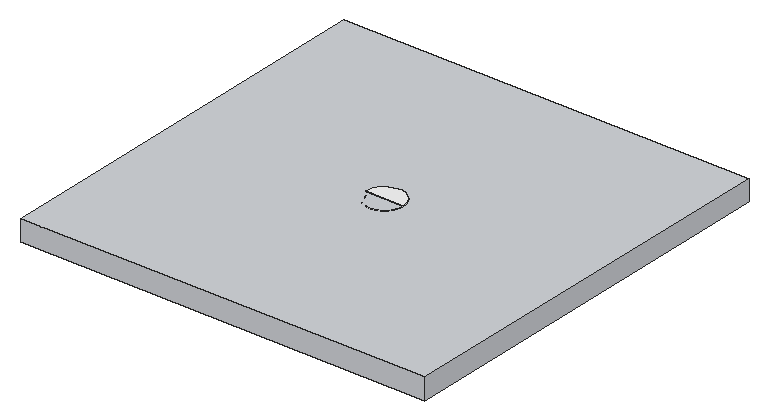
Revit family
Parameters (values of type "2"")
  WFU = 0
  URL = "WWW.MIFAB.COM"
  Top Assembly Radius = 4.500"
  Top Assembly Diameter = Top Assembly Radius * 2  # 9.000"
  Strainer Adjustment [instance] = 2.250"
  Pipe Radius = 1.000"
  Pipe Diameter = Pipe Radius * 2  # 2.000"
  Model = "F1330C"
  Manufacturer = "MIFAB"
  Floor Drain Material = Paint - Sherwin Williams Paint - #952C2A - Bellwood Red
  Description = "AREA DRAIN WITH 9\" ROUND ADJUSTABLE HEAVY DUTY TRACTOR GRATE & DEEP SUMP"
  Default Elevation = 0.000"
  Body Height = 6.125"
  Assembly Code = ""
Types (7): name | Pipe Radius | Pipe Diameter | Body Height
  (no name) | 1.000" | 2.000" | 6.125"
  2" | 1.000" | 2.000" | 6.125"
  3" | 1.500" | 3.000" | 6.125"
  4" | 2.000" | 4.000" | 6.125"
  5" | 2.500" | 5.000" | 6.125"
  6" | 3.000" | 6.000" | 8.000"
  8" | 4.000" | 8.000" | 8.000"
Reference planes (in)
  plane 1 "Center (Front/Back)": y = 0
  plane 2: z = 0
  plane 3 "Center (Left/Right)": x = 0
  plane 4: x = -4.5
  plane 5: x = 4.5
  plane 6: z = -2
  plane 7: z = -8.375
  plane 8: x = 1
  plane 9: x = -1
  plane 10: z = -6.875
  plane 11: z = -2.25
Forms (in)
  Extrusion 1, solid
    sketch origin (0, 0, 0) x (1, 0, 0) y (0, 1, 0)
      loop
        line (-48, 48) -> (-48, -48) -> (48, -48) -> (48, 48) -> (-48, 48)
    from 0 to -4.95974
  Revolve 2, solid, material "Paint - Sherwin Williams Paint - #952C2A - Bellwood Red" <- "Floor Drain Material"
    sketch origin (0, 0, 0) x (1, 0, 0) y (0, 0, 1)
      loop
        line (-4.5, 0) -> (-4.5, -1.1875) -> (-3.60513, -1.1875) -> (-3.25, -1.54263) -> (-3.25, -2.5) -> (-3, -2.5) -> (-3, -0.9375) -> (-3.75, -0.9375) -> (-3.75, -0.25) -> (0, -0.25) -> (0, 0) -> (-4.5, 0)
      axis (0, 0) -> (0, -2.5)
    angle from 0 to 360
  Revolve 3, solid, material "Paint - Sherwin Williams Paint - #952C2A - Bellwood Red" <- "Floor Drain Material"
    sketch origin (0, 0, 0) x (1, 0, 0) y (0, 0, 1)
      loop
        line (3.75, -2.25) -> (3.75, -2.5) -> (4.21721, -2.5) -> (4.07744, -6.718) -> (1, -6.718) -> (1, -8.375) -> (1.15, -8.375) -> (1.15, -6.875) -> (4.23081, -6.875) -> (4.37426, -2.5) -> (6.5, -2.5) -> (6.5, -2.25) -> (3.75, -2.25)
      axis (0, -8.375) -> (0, -2.25)
    angle from 0 to 360
  Revolve 4, solid, material "Paint - Sherwin Williams Paint - #952C2A - Bellwood Red" <- "Floor Drain Material"
    sketch origin (0, 0, 0) x (1, 0, 0) y (0, 0, 1)
      loop
        line (-1.75, -1.84582) -> (-6, -1.84582) -> (-6, -1.59582) -> (-6.5, -1.59582) -> (-6.5, -2) -> (-6.75, -2) -> (-6.75, -2.25) -> (-1.75, -2.25) -> (-1.75, -1.84582)
      axis (0, -1.59582) -> (0, -2.25)
    angle from 0 to 360
Lines and regions (in)
  symbolic lines
    curve 1: circle (0, 0, 0) r 6.75 normal (0, 0, 1)
Dimensions and locks (in)
  plane 4 to plane 5 = 9.000"
  "Strainer Adjustment": Extrusion 1 to plane 11
  "Body Height": plane 11 to plane 7
  equal spacing: plane 5, plane 3 "Center (Left/Right)", plane 4
  plane 5 to plane 4 = 9.000"
  equal spacing: plane 9, plane 3 "Center (Left/Right)", plane 8
  "Pipe Radius": plane 8 to plane 3 "Center (Left/Right)"
  locked: plane 10 to plane 7 at 1.5
  "Top Assembly Radius": plane 5 to plane 3 "Center (Left/Right)"
  locked: plane 6 to plane 11 at 0.25
  Revolve 3 sketch curve to Revolve 3 sketch curve = 0.150"
  plane 11 to Revolve 2 sketch curve = 0.250"
  Extrusion 1 to Revolve 2 sketch curve to Revolve 2 sketch curve = 0.9375", 0.250"
  Revolve 3 sketch curve to Revolve 3 sketch curve to Revolve 3 sketch curve to Revolve 3 sketch curve to plane 3 "Center (Left/Right)" = 2.12574" locked, 0.15704" locked, 0.46721" locked, 3.750" locked
  Revolve 3 sketch curve to Revolve 3 sketch curve to plane 3 "Center (Left/Right)" = 0.15337", 4.07744"
  Extrusion 1 to Revolve 2 sketch curve = 0.250"
  plane 3 "Center (Left/Right)" to Revolve 4 sketch curve to Revolve 4 sketch curve to Revolve 4 sketch curve to Revolve 4 sketch curve = 1.750", 4.250", 0.500", 0.250"
  Revolve 2 sketch curve to plane 4 = 0.750"
  plane 3 "Center (Left/Right)" to Revolve 2 sketch curve to Revolve 2 sketch curve to Revolve 2 sketch curve = 3.000", 0.250", 0.35513"
  aligned and locked: plane 2 to Extrusion 1
  aligned and locked: level to Extrusion 1
  aligned and locked: Revolve 2 sketch curve to plane 3 "Center (Left/Right)"
  aligned and locked: Extrusion 1 to Revolve 2 sketch curve
  aligned and locked: Revolve 3 sketch curve to plane 7
  aligned and locked: plane 3 "Center (Left/Right)" to Revolve 3 sketch curve
  aligned and locked: Revolve 3 sketch curve to Revolve 3 sketch curve
  aligned and locked: Revolve 3 sketch curve to plane 10
  aligned and locked: plane 8 to Revolve 3 sketch curve
  aligned and locked: Revolve 3 sketch curve to plane 11
  aligned and locked: plane 3 "Center (Left/Right)" to Revolve 2 sketch curve
  aligned and locked: Revolve 2 sketch curve to plane 4
Automatic sketch dimensions
  Extrusion 1 sketch curve to Extrusion 1 sketch curve = 96.000"  (x2)
  plane 10 to Revolve 3 sketch curve = 0.157"
  Revolve 3 sketch curve to plane 11 = 0.250"
  level to Revolve 3 sketch curve = 1.000"
  Revolve 3 sketch curve to Revolve 3 sketch curve = 1.750"
  Revolve 4 sketch curve to plane 6 = 0.000"
  Revolve 4 sketch curve to plane 11 = 0.000"
  plane 6 to Revolve 4 sketch curve = 0.15418"
  Revolve 4 sketch curve to Revolve 4 sketch curve = 0.250"
  Revolve 4 sketch curve to plane 3 "Center (Left/Right)" = 0.000"
  Revolve 4 sketch curve to plane 7 = 15.625"
  level to Revolve 4 sketch curve = 102.71882"
  Revolve 2 sketch curve to plane 11 = 1.750"
  Revolve 2 sketch curve to Revolve 2 sketch curve = 0.35513"
  level to Revolve 2 sketch curve = 1.750"
  plane 1 "Center (Front/Back)" to curve 1 = 0.000"
  curve 1 to plane 3 "Center (Left/Right)" = 0.000"
  radius of curve 1 = 6.750"
Connectors (in)
  piping at (0, 0, -8.375), driven by "Pipe Radius", driven by "WFU"
    settings: on Revolve 3, index 1, connector radius 1", flow factor 0, pipe flow 0 GPM, pressure drop 0.00 psi, fitting loss kfactor 0, connector angle 0.00°, fixture units 0, flow configuration 3, flow direction 2, fitting loss method 0, system type 16, connector reference index -1, connector utility 0, adjustable connector no, is connector primary yes, fitting loss table "", connector description "Sanitary Out"
